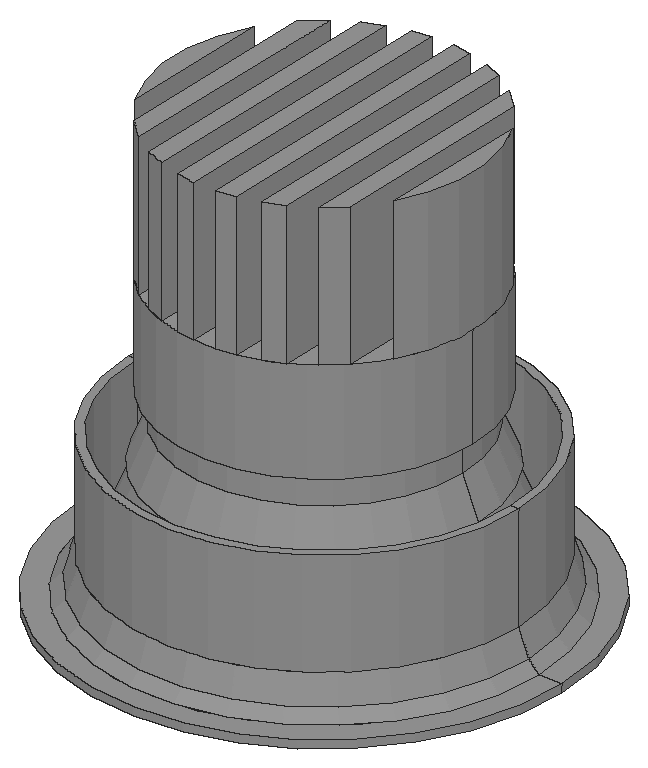
Revit family "Artemide_Everything_150", category Lighting Fixtures, Revit 2018 (continued)
Types (160, lengths in mm): name | Wattage | V_TrimlessSquare | V_TrimlessRound | V_TrimSquare | V_TrimRound | V_Square | V_Round | Radius_RoundVoidReal | Photometric Web File | M_Trim | M_Louvre | M_HousingLed | built-in parameter 1150105 | Lumens | built-in parameter 1150107 | built-in parameter 1150106 | URL to O&M Manual | Trim Material | Trim Finish | Trim Colour  | Product Model Number | Product Literature | Overall Width | Overall Length | Output Lumens Direct light | Input Lumens Direct light | Initial Lumens | IES Files  | Housing Colour  | Face Shape | Efficiency | built-in parameter 1150104 | Distance_SquareVoidReal | Colour Temperature | Angle_LightReal | Adjustable
  Everything_150_Square_Trim_28°_3000K_Black/PolishedMetal_M264040 | 24 W | no | no | yes | no | yes | no | 0.3 | "M264040.IES" | Artemide_Aluminum_Black | Artemide_Aluminum_PolishedMetal | Artemide_Aluminum_PolishedMetal | 150.61 (stored number, unit not read) | 1892.64 lm | 3000 (stored number, unit not read) | 1.5061 (stored number, unit not read) | "https://www.artemide.com/contents/documenti/prodotto/everything_150_trim_instructions4838333.pdf" | "Aluminium" | "Painted" | "Polished Metal" | "M264040" | "https://www.artemide.com/it/subfamily/2545022/everything-150-trim" | 150 | 150 | 1893 | 2763 | 1893 | "https://www.artemide.com/product/downloadFile/4750517/ieseu/4916859" | "Black" | "Square" | 69 | 7.3263 (stored number, unit not read) | 126.308 | 3000 | 90.00° | no
  Everything_150_Square_Trim_Adj_28°_3000K_Black/PolishedMetal_M264045 | 24 W | no | no | yes | no | yes | no | 0.3 | "M264045.IES" | Artemide_Aluminum_Black | Artemide_Aluminum_PolishedMetal | Artemide_Aluminum_PolishedMetal | 150.61 (stored number, unit not read) | 1892.64 lm | 3000 (stored number, unit not read) | 1.5061 (stored number, unit not read) | "https://www.artemide.com/contents/documenti/prodotto/everything_150_trim_instructions4838333.pdf" | "Aluminium" | "Painted" | "Polished Metal" | "M264045" | "https://www.artemide.com/it/subfamily/2545022/everything-150-trim" | 150 | 150 | 1893 | 2763 | 1893 | "https://www.artemide.com/product/downloadFile/4750518/ieseu/4917001" | "Black" | "Square" | 69 | 7.3263 (stored number, unit not read) | 126.308 | 3000 | 60.00° | yes
  Everything_150_Square_Trimless_18°_3000K_PolishedMetal_M264800 | 24 W | yes | no | no | no | yes | no | 0.3 | "M264800.IES" | Artemide_Aluminum_White | Artemide_Aluminum_PolishedMetal | Artemide_Aluminum_PolishedMetal | 193.49 (stored number, unit not read) | 2431.44 lm | 3000 (stored number, unit not read) | 1.9349 (stored number, unit not read) | "https://www.artemide.com/contents/documenti/prodotto/everything_150_trimless_instructions4838375.pdf" | "Aluminium" | "Painted" | "Polished Metal" | "M264800" | "https://www.artemide.com/it/subfamily/2552153/everything-150-trimless" | 136 | 136 | 2431 | 2763 | 2431 | "https://www.artemide.com/product/downloadFile/4357395/ieseu/4917172" | "Black" | "Square" | 89 | 9.412 (stored number, unit not read) | 126.308 | 3000 | 90.00° | no
  Everything_150_Square_Trimless_28°_3000K_PolishedMetal_M265000 | 24 W | yes | no | no | no | yes | no | 0.3 | "M265000.IES" | Artemide_Aluminum_White | Artemide_Aluminum_PolishedMetal | Artemide_Aluminum_PolishedMetal | 150.61 (stored number, unit not read) | 1892.64 lm | 3000 (stored number, unit not read) | 1.5061 (stored number, unit not read) | "https://www.artemide.com/contents/documenti/prodotto/everything_150_trimless_instructions4838375.pdf" | "Aluminium" | "Painted" | "Polished Metal" | "M265000" | "https://www.artemide.com/it/subfamily/2552153/everything-150-trimless" | 136 | 136 | 1893 | 2763 | 1893 | "https://www.artemide.com/product/downloadFile/4357602/ieseu/4916844" | "Black" | "Square" | 69 | 7.3263 (stored number, unit not read) | 126.308 | 3000 | 90.00° | no
  Everything_150_Square_Trimless_28°_3000K_Black_M264400 | 24 W | yes | no | no | no | yes | no | 0.3 | "M264400.IES" | Artemide_Aluminum_White | Artemide_Aluminum_Black | Artemide_Aluminum_Black | 0.00014358 (stored number, unit not read) | 0.00180432 lm | 3000 (stored number, unit not read) | 0.000001436 (stored number, unit not read) | "https://www.artemide.com/contents/documenti/prodotto/everything_150_trimless_instructions4838375.pdf" | "-" | "-" | "-" | "M264400" | "https://www.artemide.com/it/subfamily/2552153/everything-150-trimless" | 136 | 136 | 1804 | 2763 | 1804 | "https://www.artemide.com/product/downloadFile/4357817/ieseu/4916798" | "Black" | "Square" | 66 | 0.000006984 (stored number, unit not read) | 126.308 | 3000 | 90.00° | no
  Everything_150_Square_Trimless_46°_3000K_Black_M264600 | 24 W | yes | no | no | no | yes | no | 0.3 | "M264600.IES" | Artemide_Aluminum_White | Artemide_Aluminum_Black | Artemide_Aluminum_Black | 133.46 (stored number, unit not read) | 1677.12 lm | 3000 (stored number, unit not read) | 1.3346 (stored number, unit not read) | "https://www.artemide.com/contents/documenti/prodotto/everything_150_trimless_instructions4838375.pdf" | "-" | "-" | "-" | "M264600" | "https://www.artemide.com/it/subfamily/2552153/everything-150-trimless" | 136 | 136 | 1677 | 2763 | 1677 | "https://www.artemide.com/product/downloadFile/4358032/ieseu/4916807" | "Black" | "Square" | 61 | 6.4921 (stored number, unit not read) | 126.308 | 3000 | 90.00° | no
  Everything_150_Square_Trimless_Adj_28°_3000K_PolishedMetal_M265005 | 24 W | yes | no | no | no | yes | no | 0.3 | "M265005.IES" | Artemide_Aluminum_White | Artemide_Aluminum_PolishedMetal | Artemide_Aluminum_PolishedMetal | 150.61 (stored number, unit not read) | 1892.64 lm | 3000 (stored number, unit not read) | 1.5061 (stored number, unit not read) | "https://www.artemide.com/contents/documenti/prodotto/everything_150_trimless_instructions4838375.pdf" | "-" | "-" | "-" | "M265005" | "https://www.artemide.com/it/subfamily/2552153/everything-150-trimless" | 136 | 136 | 1893 | 2763 | 1893 | "https://www.artemide.com/product/downloadFile/4358247/ieseu/4917018" | "Polished Metal" | "Square" | 69 | 7.3263 (stored number, unit not read) | 126.308 | 3000 | 60.00° | yes
  Everything_150_Square_Trimless_Adj_28°_3000K_Black_M264405 | 24 W | yes | no | no | no | yes | no | 0.3 | "M264405.IES" | Artemide_Aluminum_White | Artemide_Aluminum_Black | Artemide_Aluminum_Black | 0.00014358 (stored number, unit not read) | 0.00180432 lm | 3000 (stored number, unit not read) | 0.000001436 (stored number, unit not read) | "https://www.artemide.com/contents/documenti/prodotto/everything_150_trimless_instructions4838375.pdf" | "-" | "-" | "-" | "M264405" | "https://www.artemide.com/it/subfamily/2552153/everything-150-trimless" | 136 | 136 | 1804 | 2763 | 1804 | "https://www.artemide.com/product/downloadFile/4358462/ieseu/4916521" | "Black" | "Square" | 66 | 0.000006984 (stored number, unit not read) | 126.308 | 3000 | 60.00° | yes
  Everything_150_Square_Trimless_Adj_46°_3000K_Black_M264605 | 24 W | yes | no | no | no | yes | no | 0.3 | "M264605.IES" | Artemide_Aluminum_White | Artemide_Aluminum_Black | Artemide_Aluminum_Black | 133.46 (stored number, unit not read) | 1677.12 lm | 3000 (stored number, unit not read) | 1.3346 (stored number, unit not read) | "https://www.artemide.com/contents/documenti/prodotto/everything_150_trimless_instructions4838375.pdf" | "-" | "-" | "-" | "M264605" | "https://www.artemide.com/it/subfamily/2552153/everything-150-trimless" | 136 | 136 | 1677 | 2763 | 1677 | "https://www.artemide.com/product/downloadFile/4358677/ieseu/4916464" | "Black" | "Square" | 61 | 6.4921 (stored number, unit not read) | 126.308 | 3000 | 60.00° | yes
  Everything_150_Square_Trimless_18°_3000K_Black_M264200 | 24 W | yes | no | no | no | yes | no | 0.3 | "M264200.IES" | Artemide_Aluminum_White | Artemide_Aluminum_Black | Artemide_Aluminum_Black | 162.7 (stored number, unit not read) | 2044.56 lm | 3000 (stored number, unit not read) | 1.627 (stored number, unit not read) | "https://www.artemide.com/contents/documenti/prodotto/everything_150_trimless_instructions4838375.pdf" | "-" | "-" | "-" | "M264200" | "https://www.artemide.com/it/subfamily/2552153/everything-150-trimless" | 136 | 136 | 2045 | 2763 | 2045 | "https://www.artemide.com/product/downloadFile/4358852/ieseu/4917156" | "Black" | "Square" | 75 | 7.9144 (stored number, unit not read) | 126.308 | 3000 | 90.00° | no
  Everything_150_Square_Trimless_Adj_18°_3000K_PolishedMetal_M264805 | 24 W | yes | no | no | no | yes | no | 0.3 | "M264805.IES" | Artemide_Aluminum_White | Artemide_Aluminum_PolishedMetal | Artemide_Aluminum_PolishedMetal | 193.49 (stored number, unit not read) | 2431.44 lm | 3000 (stored number, unit not read) | 1.9349 (stored number, unit not read) | "https://www.artemide.com/contents/documenti/prodotto/everything_150_trimless_instructions4838375.pdf" | "-" | "-" | "-" | "M264805" | "https://www.artemide.com/it/subfamily/2552153/everything-150-trimless" | 136 | 136 | 2431 | 2763 | 2431 | "https://www.artemide.com/product/downloadFile/4359059/ieseu/4916604" | "Polished Metal" | "Square" | 89 | 9.412 (stored number, unit not read) | 126.308 | 3000 | 60.00° | yes
  Everything_150_Square_Trimless_Adj_18°_3000K_Black_M264205 | 24 W | yes | no | no | no | yes | no | 0.3 | "M264205.IES" | Artemide_Aluminum_White | Artemide_Aluminum_Black | Artemide_Aluminum_Black | 162.7 (stored number, unit not read) | 2044.56 lm | 3000 (stored number, unit not read) | 1.627 (stored number, unit not read) | "https://www.artemide.com/contents/documenti/prodotto/everything_150_trimless_instructions4838375.pdf" | "-" | "-" | "-" | "M264205" | "https://www.artemide.com/it/subfamily/2552153/everything-150-trimless" | 136 | 136 | 2045 | 2763 | 2045 | "https://www.artemide.com/product/downloadFile/4359266/ieseu/4917132" | "Black" | "Square" | 75 | 7.9144 (stored number, unit not read) | 126.308 | 3000 | 60.00° | yes
  Everything_150_Round_Trimless_Adj_18°_3000K_Black_M261805 | 24 W | no | yes | no | no | no | yes | 63.9 | "M261805.IES" | Artemide_Aluminum_White | Artemide_Aluminum_Black | Artemide_Aluminum_Black | 162.7 (stored number, unit not read) | 2044.56 lm | 3000 (stored number, unit not read) | 1.627 (stored number, unit not read) | "https://www.artemide.com/contents/documenti/prodotto/everything_150_trimless_instructions4838375.pdf" | "-" | "-" | "-" | "M261805" | "https://www.artemide.com/it/subfamily/2552153/everything-150-trimless" | 0 | 136 | 2045 | 2763 | 2045 | "https://www.artemide.com/product/downloadFile/4359680/ieseu/4916594" | "Black" | "Round" | 75 | 7.9144 (stored number, unit not read) | 0.8 | 3000 | 60.00° | yes
  Everything_150_Round_Trimless_18°_3000K_PolishedMetal_M262400 | 24 W | no | yes | no | no | no | yes | 63.9 | "M262400.IES" | Artemide_Aluminum_White | Artemide_Aluminum_PolishedMetal | Artemide_Aluminum_PolishedMetal | 193.49 (stored number, unit not read) | 2431.44 lm | 3000 (stored number, unit not read) | 1.9349 (stored number, unit not read) | "https://www.artemide.com/contents/documenti/prodotto/everything_150_trimless_instructions4838375.pdf" | "-" | "-" | "-" | "M262400" | "https://www.artemide.com/it/subfamily/2552153/everything-150-trimless" | 0 | 136 | 2431 | 2763 | 2431 | "https://www.artemide.com/product/downloadFile/4359887/ieseu/4917031" | "Polished Metal" | "Round" | 89 | 9.412 (stored number, unit not read) | 0.8 | 3000 | 90.00° | no
  Everything_150_Round_Trimless_Adj_18°_3000K_PolishedMetal_M262405 | 24 W | no | yes | no | no | no | yes | 63.9 | "M262405.IES" | Artemide_Aluminum_White | Artemide_Aluminum_PolishedMetal | Artemide_Aluminum_PolishedMetal | 193.49 (stored number, unit not read) | 2431.44 lm | 3000 (stored number, unit not read) | 1.9349 (stored number, unit not read) | "https://www.artemide.com/contents/documenti/prodotto/everything_150_trimless_instructions4838375.pdf" | "-" | "-" | "-" | "M262405" | "https://www.artemide.com/it/subfamily/2552153/everything-150-trimless" | 0 | 136 | 2431 | 2763 | 2431 | "https://www.artemide.com/product/downloadFile/4360094/ieseu/4916700" | "Polished Metal" | "Round" | 89 | 9.412 (stored number, unit not read) | 0.8 | 3000 | 60.00° | yes
  Everything_150_Round_Trimless_28°_3000K_Black_M262000 | 24 W | no | yes | no | no | no | yes | 63.9 | "M262000.IES" | Artemide_Aluminum_White | Artemide_Aluminum_Black | Artemide_Aluminum_Black | 0.00014358 (stored number, unit not read) | 0.00180432 lm | 3000 (stored number, unit not read) | 0.000001436 (stored number, unit not read) | "https://www.artemide.com/contents/documenti/prodotto/everything_150_trimless_instructions4838375.pdf" | "-" | "-" | "-" | "M262000" | "https://www.artemide.com/it/subfamily/2552153/everything-150-trimless" | 0 | 136 | 1804 | 2763 | 1804 | "https://www.artemide.com/product/downloadFile/4360301/ieseu/4917027" | "Black" | "Round" | 66 | 0.000006984 (stored number, unit not read) | 0.8 | 3000 | 90.00° | no
  Everything_150_Round_Trimless_Adj_28°_3000K_Black_M262005 | 24 W | no | yes | no | no | no | yes | 63.9 | "M262005.IES" | Artemide_Aluminum_White | Artemide_Aluminum_Black | Artemide_Aluminum_Black | 0.00014358 (stored number, unit not read) | 0.00180432 lm | 3000 (stored number, unit not read) | 0.000001436 (stored number, unit not read) | "https://www.artemide.com/contents/documenti/prodotto/everything_150_trimless_instructions4838375.pdf" | "-" | "-" | "-" | "M262005" | "https://www.artemide.com/it/subfamily/2552153/everything-150-trimless" | 0 | 136 | 1804 | 2763 | 1804 | "https://www.artemide.com/product/downloadFile/4360516/ieseu/4916491" | "Black" | "Round" | 66 | 0.000006984 (stored number, unit not read) | 0.8 | 3000 | 60.00° | yes
  Everything_150_Round_Trimless_28°_3000K_PolishedMetal_M262600 | 24 W | no | yes | no | no | no | yes | 63.9 | "M262600.IES" | Artemide_Aluminum_White | Artemide_Aluminum_PolishedMetal | Artemide_Aluminum_PolishedMetal | 150.61 (stored number, unit not read) | 1892.64 lm | 3000 (stored number, unit not read) | 1.5061 (stored number, unit not read) | "https://www.artemide.com/contents/documenti/prodotto/everything_150_trimless_instructions4838375.pdf" | "-" | "-" | "-" | "M262600" | "https://www.artemide.com/it/subfamily/2552153/everything-150-trimless" | 0 | 136 | 1893 | 2763 | 1893 | "https://www.artemide.com/product/downloadFile/4360731/ieseu/4916921" | "Polished Metal" | "Round" | 69 | 7.3263 (stored number, unit not read) | 0.8 | 3000 | 90.00° | no
  Everything_150_Round_Trimless_Adj_28°_3000K_PolishedMetal_M262605 | 24 W | no | yes | no | no | no | yes | 63.9 | "M262605.IES" | Artemide_Aluminum_White | Artemide_Aluminum_PolishedMetal | Artemide_Aluminum_PolishedMetal | 150.61 (stored number, unit not read) | 1892.64 lm | 3000 (stored number, unit not read) | 1.5061 (stored number, unit not read) | "https://www.artemide.com/contents/documenti/prodotto/everything_150_trimless_instructions4838375.pdf" | "-" | "-" | "-" | "M262605" | "https://www.artemide.com/it/subfamily/2552153/everything-150-trimless" | 0 | 136 | 1893 | 2763 | 1893 | "https://www.artemide.com/product/downloadFile/4360946/ieseu/4916836" | "Polished Metal" | "Round" | 69 | 7.3263 (stored number, unit not read) | 0.8 | 3000 | 60.00° | yes
  Everything_150_Round_Trimless_46°_3000K_Black_M262200 | 24 W | no | yes | no | no | no | yes | 63.9 | "M262200.IES" | Artemide_Aluminum_White | Artemide_Aluminum_Black | Artemide_Aluminum_Black | 133.46 (stored number, unit not read) | 1677.12 lm | 3000 (stored number, unit not read) | 1.3346 (stored number, unit not read) | "https://www.artemide.com/contents/documenti/prodotto/everything_150_trimless_instructions4838375.pdf" | "-" | "-" | "-" | "M262200" | "https://www.artemide.com/it/subfamily/2552153/everything-150-trimless" | 0 | 136 | 1677 | 2763 | 1677 | "https://www.artemide.com/product/downloadFile/4361161/ieseu/4916762" | "Black" | "Round" | 61 | 6.4921 (stored number, unit not read) | 0.8 | 3000 | 90.00° | no
  Everything_150_Round_Trimless_Adj_46°_3000K_Black_M262205 | 24 W | no | yes | no | no | no | yes | 63.9 | "M262205.IES" | Artemide_Aluminum_White | Artemide_Aluminum_Black | Artemide_Aluminum_Black | 133.46 (stored number, unit not read) | 1677.12 lm | 3000 (stored number, unit not read) | 1.3346 (stored number, unit not read) | "https://www.artemide.com/contents/documenti/prodotto/everything_150_trimless_instructions4838375.pdf" | "-" | "-" | "-" | "M262205" | "https://www.artemide.com/it/subfamily/2552153/everything-150-trimless" | 0 | 136 | 1677 | 2763 | 1677 | "https://www.artemide.com/product/downloadFile/4361376/ieseu/4916490" | "Black" | "Round" | 61 | 6.4921 (stored number, unit not read) | 0.8 | 3000 | 60.00° | yes
  Everything_150_Square_Trimless_46°_2700K_Black_M325300 | 24 W | yes | no | no | no | yes | no | 0.3 | "M325300.IES" | Artemide_Aluminum_White | Artemide_Aluminum_Black | Artemide_Aluminum_Black | 127.77 (stored number, unit not read) | 1605.6 lm | 2700 (stored number, unit not read) | 1.2777 (stored number, unit not read) | "https://www.artemide.com/contents/documenti/prodotto/everything_150_trimless_instructions4838375.pdf" | "-" | "-" | "-" | "M325300" | "https://www.artemide.com/it/subfamily/2552153/everything-150-trimless" | 136 | 136 | 1606 | 2645 | 1606 | "https://www.artemide.com/product/downloadFile/4442296/ieseu/4917032" | "Black" | "Square" | 61 | 6.2152 (stored number, unit not read) | 126.308 | 2700 | 90.00° | no
  Everything_150_Square_Trimless_28°_2700K_Black_M325200 | 24 W | yes | no | no | no | yes | no | 0.3 | "M325200.IES" | Artemide_Aluminum_White | Artemide_Aluminum_Black | Artemide_Aluminum_Black | 137.11 (stored number, unit not read) | 1722.96 lm | 2700 (stored number, unit not read) | 1.3711 (stored number, unit not read) | "https://www.artemide.com/contents/documenti/prodotto/everything_150_trimless_instructions4838375.pdf" | "-" | "-" | "-" | "M325200" | "https://www.artemide.com/it/subfamily/2552153/everything-150-trimless" | 136 | 136 | 1727 | 2645 | 1727 | "https://www.artemide.com/product/downloadFile/4442436/ieseu/4916507" | "Black" | "Square" | 65 | 6.6695 (stored number, unit not read) | 126.308 | 2700 | 90.00° | no
  Everything_150_Square_Trimless_28°_2700K_PolishedMetal_M325500 | 24 W | yes | no | no | no | yes | no | 0.3 | "M325500.IES" | Artemide_Aluminum_White | Artemide_Aluminum_PolishedMetal | Artemide_Aluminum_PolishedMetal | 144.18 (stored number, unit not read) | 1811.76 lm | 2700 (stored number, unit not read) | 1.4418 (stored number, unit not read) | "https://www.artemide.com/contents/documenti/prodotto/everything_150_trimless_instructions4838375.pdf" | "-" | "-" | "-" | "M325500" | "https://www.artemide.com/it/subfamily/2552153/everything-150-trimless" | 136 | 136 | 1812 | 2645 | 1812 | "https://www.artemide.com/product/downloadFile/4442576/ieseu/4917000" | "Polished Metal" | "Square" | 69 | 7.0133 (stored number, unit not read) | 126.308 | 2700 | 90.00° | no
  Everything_150_Square_Trimless_18°_2700K_PolishedMetal_M325400 | 24 W | yes | no | no | no | yes | no | 0.3 | "M325400.IES" | Artemide_Aluminum_White | Artemide_Aluminum_PolishedMetal | Artemide_Aluminum_PolishedMetal | 185.22 (stored number, unit not read) | 2327.52 lm | 2700 (stored number, unit not read) | 1.8522 (stored number, unit not read) | "https://www.artemide.com/contents/documenti/prodotto/everything_150_trimless_instructions4838375.pdf" | "-" | "-" | "-" | "M325400" | "https://www.artemide.com/it/subfamily/2552153/everything-150-trimless" | 136 | 136 | 2328 | 2645 | 2328 | "https://www.artemide.com/product/downloadFile/4442716/ieseu/4916827" | "Polished Metal" | "Square" | 88 | 9.0097 (stored number, unit not read) | 126.308 | 2700 | 90.00° | no
  Everything_150_Square_Trimless_Adj_18°_2700K_PolishedMetal_M325405 | 24 W | yes | no | no | no | yes | no | 0.3 | "M325405.IES" | Artemide_Aluminum_White | Artemide_Aluminum_PolishedMetal | Artemide_Aluminum_PolishedMetal | 185.22 (stored number, unit not read) | 2327.52 lm | 2700 (stored number, unit not read) | 1.8522 (stored number, unit not read) | "https://www.artemide.com/contents/documenti/prodotto/everything_150_trimless_instructions4838375.pdf" | "-" | "-" | "-" | "M325405" | "https://www.artemide.com/it/subfamily/2552153/everything-150-trimless" | 136 | 136 | 2328 | 2645 | 2328 | "https://www.artemide.com/product/downloadFile/4442856/ieseu/4916522" | "Polished Metal" | "Square" | 88 | 9.0097 (stored number, unit not read) | 126.308 | 2700 | 60.00° | yes
  Everything_150_Square_Trimless_Adj_28°_2700K_PolishedMetal_M325505 | 24 W | yes | no | no | no | yes | no | 0.3 | "M325505.IES" | Artemide_Aluminum_White | Artemide_Aluminum_PolishedMetal | Artemide_Aluminum_PolishedMetal | 144.18 (stored number, unit not read) | 1811.76 lm | 2700 (stored number, unit not read) | 1.4418 (stored number, unit not read) | "https://www.artemide.com/contents/documenti/prodotto/everything_150_trimless_instructions4838375.pdf" | "-" | "-" | "-" | "M325505" | "https://www.artemide.com/it/subfamily/2552153/everything-150-trimless" | 136 | 136 | 1812 | 2645 | 1812 | "https://www.artemide.com/product/downloadFile/4442996/ieseu/4916435" | "Polished Metal" | "Square" | 69 | 7.0133 (stored number, unit not read) | 126.308 | 2700 | 60.00° | yes
  Everything_150_Square_Trimless_Adj_28°_2700K_Black_M325205 | 24 W | yes | no | no | no | yes | no | 0.3 | "M325205.IES" | Artemide_Aluminum_White | Artemide_Aluminum_Black | Artemide_Aluminum_Black | 137.11 (stored number, unit not read) | 1722.96 lm | 2700 (stored number, unit not read) | 1.3711 (stored number, unit not read) | "https://www.artemide.com/contents/documenti/prodotto/everything_150_trimless_instructions4838375.pdf" | "-" | "-" | "-" | "M325205" | "https://www.artemide.com/it/subfamily/2552153/everything-150-trimless" | 136 | 136 | 1727 | 2645 | 1727 | "https://www.artemide.com/product/downloadFile/4443136/ieseu/4917152" | "Black" | "Square" | 65 | 6.6695 (stored number, unit not read) | 126.308 | 2700 | 60.00° | yes
  Everything_150_Square_Trimless_Adj_46°_2700K_Black_M325305 | 24 W | yes | no | no | no | yes | no | 0.3 | "M325305.IES" | Artemide_Aluminum_White | Artemide_Aluminum_Black | Artemide_Aluminum_Black | 127.77 (stored number, unit not read) | 1605.6 lm | 2700 (stored number, unit not read) | 1.2777 (stored number, unit not read) | "https://www.artemide.com/contents/documenti/prodotto/everything_150_trimless_instructions4838375.pdf" | "-" | "-" | "-" | "M325305" | "https://www.artemide.com/it/subfamily/2552153/everything-150-trimless" | 136 | 136 | 1606 | 2645 | 1606 | "https://www.artemide.com/product/downloadFile/4443276/ieseu/4917045" | "Black" | "Square" | 61 | 6.2152 (stored number, unit not read) | 126.308 | 2700 | 60.00° | yes
  Everything_150_Square_Trimless_Adj_18°_2700K_Black_M325105 | 24 W | yes | no | no | no | yes | no | 0.3 | "M325105.IES" | Artemide_Aluminum_White | Artemide_Aluminum_Black | Artemide_Aluminum_Black | 155.75 (stored number, unit not read) | 1957.2 lm | 2700 (stored number, unit not read) | 1.5575 (stored number, unit not read) | "https://www.artemide.com/contents/documenti/prodotto/everything_150_trimless_instructions4838375.pdf" | "-" | "-" | "-" | "M325105" | "https://www.artemide.com/it/subfamily/2552153/everything-150-trimless" | 136 | 136 | 1957 | 2645 | 1957 | "https://www.artemide.com/product/downloadFile/4443416/ieseu/4916603" | "Black" | "Square" | 74 | 7.5762 (stored number, unit not read) | 126.308 | 2700 | 60.00° | yes
  Everything_150_Round_Trimless_28°_2700K_PolishedMetal_M324300 | 24 W | no | yes | no | no | no | yes | 63.9 | "M324300.IES" | Artemide_Aluminum_White | Artemide_Aluminum_PolishedMetal | Artemide_Aluminum_PolishedMetal | 144.18 (stored number, unit not read) | 1811.76 lm | 2700 (stored number, unit not read) | 1.4418 (stored number, unit not read) | "https://www.artemide.com/contents/documenti/prodotto/everything_150_trimless_instructions4838375.pdf" | "-" | "-" | "-" | "M324300" | "https://www.artemide.com/it/subfamily/2552153/everything-150-trimless" | 0 | 136 | 1812 | 2645 | 1812 | "https://www.artemide.com/product/downloadFile/4443556/ieseu/4916737" | "Polished Metal" | "Round" | 69 | 7.0133 (stored number, unit not read) | 0.8 | 2700 | 90.00° | no
  Everything_150_Round_Trimless_18°_2700K_PolishedMetal_M324200 | 24 W | no | yes | no | no | no | yes | 63.9 | "M324200.IES" | Artemide_Aluminum_White | Artemide_Aluminum_PolishedMetal | Artemide_Aluminum_PolishedMetal | 185.22 (stored number, unit not read) | 2327.52 lm | 2700 (stored number, unit not read) | 1.8522 (stored number, unit not read) | "https://www.artemide.com/contents/documenti/prodotto/everything_150_trimless_instructions4838375.pdf" | "-" | "-" | "-" | "M324200" | "https://www.artemide.com/it/subfamily/2552153/everything-150-trimless" | 0 | 136 | 2328 | 2645 | 2328 | "https://www.artemide.com/product/downloadFile/4443696/ieseu/4917074" | "Polished Metal" | "Round" | 88 | 9.0097 (stored number, unit not read) | 0.8 | 2700 | 90.00° | no
  Everything_150_Round_Trimless_18°_2700K_Black_M323900 | 24 W | no | yes | no | no | no | yes | 63.9 | "M323900.IES" | Artemide_Aluminum_White | Artemide_Aluminum_Black | Artemide_Aluminum_Black | 0.00015575 (stored number, unit not read) | 0.0019572 lm | 2700 (stored number, unit not read) | 0.000001557 (stored number, unit not read) | "https://www.artemide.com/contents/documenti/prodotto/everything_150_trimless_instructions4838375.pdf" | "-" | "-" | "-" | "M323900" | "https://www.artemide.com/it/subfamily/2552153/everything-150-trimless" | 0 | 136 | 1957 | 2645 | 1957 | "https://www.artemide.com/product/downloadFile/4443836/ieseu/4917100" | "Black" | "Round" | 74 | 0.000007576 (stored number, unit not read) | 0.8 | 2700 | 90.00° | no
  Everything_150_Round_Trimless_46°_2700K_Black_M324100 | 24 W | no | yes | no | no | no | yes | 63.9 | "M324100.IES" | Artemide_Aluminum_White | Artemide_Aluminum_Black | Artemide_Aluminum_Black | 127.77 (stored number, unit not read) | 1605.6 lm | 2700 (stored number, unit not read) | 1.2777 (stored number, unit not read) | "https://www.artemide.com/contents/documenti/prodotto/everything_150_trimless_instructions4838375.pdf" | "-" | "-" | "-" | "M324100" | "https://www.artemide.com/it/subfamily/2552153/everything-150-trimless" | 0 | 136 | 1606 | 2645 | 1606 | "https://www.artemide.com/product/downloadFile/4443976/ieseu/4916614" | "Black" | "Round" | 61 | 6.2152 (stored number, unit not read) | 0.8 | 2700 | 90.00° | no
  Everything_150_Round_Trimless_28°_2700K_Black_M324000 | 24 W | no | yes | no | no | no | yes | 63.9 | "M324000.IES" | Artemide_Aluminum_White | Artemide_Aluminum_Black | Artemide_Aluminum_Black | 137.45 (stored number, unit not read) | 1727.28 lm | 2700 (stored number, unit not read) | 1.3745 (stored number, unit not read) | "https://www.artemide.com/contents/documenti/prodotto/everything_150_trimless_instructions4838375.pdf" | "-" | "-" | "-" | "M324000" | "https://www.artemide.com/it/subfamily/2552153/everything-150-trimless" | 0 | 136 | 1727 | 2645 | 1727 | "https://www.artemide.com/product/downloadFile/4444116/ieseu/4916925" | "Black" | "Round" | 65 | 6.6862 (stored number, unit not read) | 0.8 | 2700 | 90.00° | no
  Everything_150_Round_Trimless_Adj_28°_2700K_Black_M324005 | 24 W | no | yes | no | no | no | yes | 63.9 | "M324005.IES" | Artemide_Aluminum_White | Artemide_Aluminum_Black | Artemide_Aluminum_Black | 137.45 (stored number, unit not read) | 1727.28 lm | 2700 (stored number, unit not read) | 1.3745 (stored number, unit not read) | "https://www.artemide.com/contents/documenti/prodotto/everything_150_trimless_instructions4838375.pdf" | "-" | "-" | "-" | "M324005" | "https://www.artemide.com/it/subfamily/2552153/everything-150-trimless" | 0 | 136 | 1727 | 2645 | 1727 | "https://www.artemide.com/product/downloadFile/4444256/ieseu/4917109" | "Black" | "Round" | 65 | 6.6862 (stored number, unit not read) | 0.8 | 2700 | 60.00° | yes
  Everything_150_Round_Trimless_Adj_18°_2700K_Black_M323905 | 24 W | no | yes | no | no | no | yes | 63.9 | "M323905.IES" | Artemide_Aluminum_White | Artemide_Aluminum_Black | Artemide_Aluminum_Black | 0.00015575 (stored number, unit not read) | 0.0019572 lm | 2700 (stored number, unit not read) | 0.000001557 (stored number, unit not read) | "https://www.artemide.com/contents/documenti/prodotto/everything_150_trimless_instructions4838375.pdf" | "-" | "-" | "-" | "M323905" | "https://www.artemide.com/it/subfamily/2552153/everything-150-trimless" | 0 | 136 | 1957 | 2645 | 1957 | "https://www.artemide.com/product/downloadFile/4444396/ieseu/4916523" | "Black" | "Round" | 74 | 0.000007576 (stored number, unit not read) | 0.8 | 2700 | 60.00° | yes
  Everything_150_Round_Trimless_Adj_46°_2700K_Black_M324105 | 24 W | no | yes | no | no | no | yes | 63.9 | "M324105.IES" | Artemide_Aluminum_White | Artemide_Aluminum_Black | Artemide_Aluminum_Black | 127.77 (stored number, unit not read) | 1605.6 lm | 2700 (stored number, unit not read) | 1.2777 (stored number, unit not read) | "https://www.artemide.com/contents/documenti/prodotto/everything_150_trimless_instructions4838375.pdf" | "-" | "-" | "-" | "M324105" | "https://www.artemide.com/it/subfamily/2552153/everything-150-trimless" | 0 | 136 | 1606 | 2645 | 1606 | "https://www.artemide.com/product/downloadFile/4444536/ieseu/4916439" | "Black" | "Round" | 61 | 6.2152 (stored number, unit not read) | 0.8 | 2700 | 60.00° | yes
  Everything_150_Round_Trimless_Adj_18°_2700K_PolishedMetal_M324205 | 24 W | no | yes | no | no | no | yes | 63.9 | "M324205.IES" | Artemide_Aluminum_White | Artemide_Aluminum_PolishedMetal | Artemide_Aluminum_PolishedMetal | 185.22 (stored number, unit not read) | 2327.52 lm | 2700 (stored number, unit not read) | 1.8522 (stored number, unit not read) | "https://www.artemide.com/contents/documenti/prodotto/everything_150_trimless_instructions4838375.pdf" | "-" | "-" | "-" | "M324205" | "https://www.artemide.com/it/subfamily/2552153/everything-150-trimless" | 0 | 136 | 2328 | 2645 | 2328 | "https://www.artemide.com/product/downloadFile/4444676/ieseu/4917189" | "Polished Metal" | "Round" | 88 | 9.0097 (stored number, unit not read) | 0.8 | 2700 | 60.00° | yes
  Everything_150_Round_Trimless_Adj_28°_2700K_PolishedMetal_M324305 | 24 W | no | yes | no | no | no | yes | 63.9 | "M324305.IES" | Artemide_Aluminum_White | Artemide_Aluminum_PolishedMetal | Artemide_Aluminum_PolishedMetal | 144.18 (stored number, unit not read) | 1811.76 lm | 2700 (stored number, unit not read) | 1.4418 (stored number, unit not read) | "https://www.artemide.com/contents/documenti/prodotto/everything_150_trimless_instructions4838375.pdf" | "-" | "-" | "-" | "M324305" | "https://www.artemide.com/it/subfamily/2552153/everything-150-trimless" | 0 | 136 | 1812 | 2645 | 1812 | "https://www.artemide.com/product/downloadFile/4444816/ieseu/4916596" | "Polished Metal" | "Round" | 69 | 7.0133 (stored number, unit not read) | 0.8 | 2700 | 60.00° | yes
  Everything_150_Round_Trim_Adj_28°_2700K_Black/Black_M323445 | 24 W | no | no | no | no | no | yes | 63.9 | "M323445.IES" | Artemide_Aluminum_Black | Artemide_Aluminum_Black | Artemide_Aluminum_Black | 155.75 (stored number, unit not read) | 1957.2 lm | 2700 (stored number, unit not read) | 1.5575 (stored number, unit not read) | "https://www.artemide.com/contents/documenti/prodotto/everything_150_trim_instructions4838333.pdf" | "Aluminium" | "Painted" | "Black" | "M323445" | "https://www.artemide.com/it/subfamily/2545022/everything-150-trim" | 0 | 150 | 1957 | 2645 | 1957 | "https://www.artemide.com/product/downloadFile/4750488/ieseu/4916674" | "Black" | "Round" | 74 | 7.5762 (stored number, unit not read) | 0.8 | 2700 | 60.00° | yes
  Everything_150_Round_Trim_18°_3000K_White/Black_M260620 | 24 W | no | no | no | yes | no | yes | 63.9 | "M260640.IES" | Artemide_Aluminum_White | Artemide_Aluminum_Black | Artemide_Aluminum_Black | 162.7 (stored number, unit not read) | 2044.56 lm | 3000 (stored number, unit not read) | 1.627 (stored number, unit not read) | "https://www.artemide.com/contents/documenti/prodotto/everything_150_trim_instructions4838333.pdf" | "Aluminium" | "Painted" | "Black" | "M260640" | "https://www.artemide.com/it/subfamily/2545022/everything-150-trim" | 0 | 150 | 2045 | 2763 | 2045 | "https://www.artemide.com/product/downloadFile/4750489/ieseu/4916875" | "White" | "Round" | 75 | 7.9144 (stored number, unit not read) | 0.8 | 3000 | 90.00° | no
